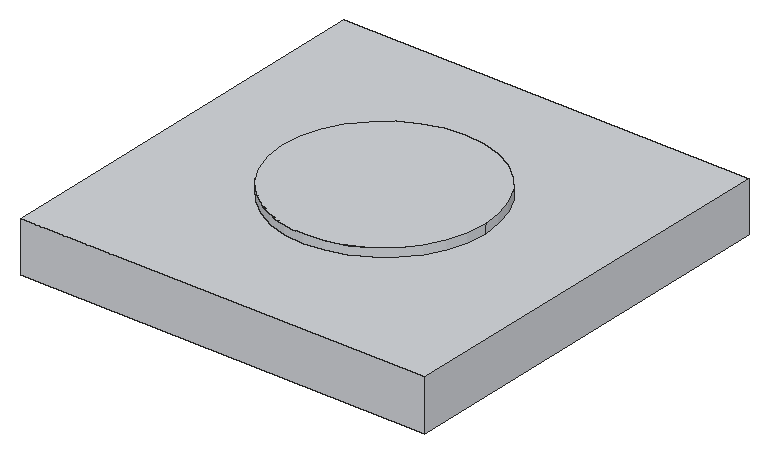
Revit family
Parameters
  URL = "www.coldspringgranite.com"
  StoneMaterial = none
  SettingSpace = SettingBed + Height  # 0' - 3"
  SettingBed = 0' - 1"
  Product Name = "Paving Stone Panels in Circle Shape"
  Product Documentation Link = "http://www.coldspringgranite.com/BIM_Families/Family_Detail/Paving_Stone_Panels_in_Circle_Shape/"
  PhoneNumber = "800-551-7502"
  Notes = ""
  Model = "N/A"
  Manufacturer = "Cold Spring Granite Company"
  Low Emitting Material = yes
  Low Emitting Finish = yes
  Location = "17482 Granite West Road, Cold Spring, MN 56320-4578"
  LEED Credit = ""
  Keynote = "096340"
  Height = 0' - 2"
  Description = "Stone Floor Paving"
  Default Elevation = 0' - 0"
  CircleRadius = 2' - 0"
  Assembly Code = "C3020400"
  ADA Compliant = yes
Reference planes (in)
  plane 1 "Center (Front/Back)": y = 0
  plane 2: z = 0
  plane 3 "Center (Left/Right)": x = 0
  plane 4 "StoneBack": z = 1
  plane 5 "StoneFace": z = 3
  plane 6 "StoneTop": y = 24
  plane 7 "StoneBottom": y = -24
  plane 8 "StoneRight": x = 24
  plane 9 "StoneLeft": x = -24
Forms (in)
  Extrusion 1, solid
    sketch origin (0, 0, 0) x (1, 0, 0) y (0, 1, 0)
      loop
        line (-48, 48) -> (-48, -48) -> (48, -48) -> (48, 48) -> (-48, 48)
    from 0 to -12
  Extrusion 2, solid, material <- "StoneMaterial"
    sketch origin (0, 0, 0) x (1, 0, 0) y (0, 1, 0)
      loop
        circle (0, 0) r 24
    from 1 to 3
Lines and regions (in)
  Masking region 1
    outline origin (0, 0, 0) x (1, 0, 0) y (0, 1, 0)
      loop
        circle (0, 0) r 24
  Masking region 2
    outline origin (-24, 0, 0) x (0, -1, 0) y (0, 0, 1)
      loop
        line (-24, 3) -> (-24, 1) -> (24, 1) -> (24, 3) -> (-24, 3)
  Masking region 3
    outline origin (24, 0, 0) x (0, -1, 0) y (0, 0, 1)
      loop
        line (24, 3) -> (-24, 3) -> (-24, 1) -> (24, 1) -> (24, 3)
  Masking region 4
    outline origin (0, -24, 0) x (1, 0, 0) y (0, 0, 1)
      loop
        line (-24, 3) -> (-24, 1) -> (24, 1) -> (24, 3) -> (-24, 3)
  Masking region 5
    outline origin (0, 24, 0) x (1, 0, 0) y (0, 0, 1)
      loop
        line (24, 3) -> (-24, 3) -> (-24, 1) -> (24, 1) -> (24, 3)
Dimensions and locks (in)
  "SettingSpace": plane 5 "StoneFace" to plane 2
  "Height": plane 5 "StoneFace" to plane 4 "StoneBack"
  "CircleRadius": plane 1 "Center (Front/Back)" to plane 6 "StoneTop"
  "CircleRadius": plane 7 "StoneBottom" to plane 1 "Center (Front/Back)"
  "CircleRadius": plane 9 "StoneLeft" to plane 3 "Center (Left/Right)"
  "CircleRadius": plane 3 "Center (Left/Right)" to plane 8 "StoneRight"
  "CircleRadius": radius of Extrusion 2 sketch curve
  aligned and locked: plane 2 to Extrusion 1
  aligned and locked: level to Extrusion 1
  aligned and locked: Extrusion 2 to plane 5 "StoneFace"
  aligned and locked: Extrusion 2 to plane 4 "StoneBack"
  aligned and locked: Masking region 1 sketch curve to Extrusion 2
  aligned and locked: Masking region 2 sketch curve to plane 7 "StoneBottom"
  aligned and locked: plane 5 "StoneFace" to Masking region 2 sketch curve
  aligned and locked: plane 4 "StoneBack" to Masking region 2 sketch curve
  aligned and locked: plane 6 "StoneTop" to Masking region 2 sketch curve
  aligned and locked: plane 6 "StoneTop" to Masking region 3 sketch curve
  aligned and locked: plane 5 "StoneFace" to Masking region 3 sketch curve
  aligned and locked: plane 4 "StoneBack" to Masking region 3 sketch curve
  aligned and locked: Masking region 3 sketch curve to plane 7 "StoneBottom"
  aligned and locked: plane 8 "StoneRight" to Masking region 4 sketch curve
  aligned and locked: plane 5 "StoneFace" to Masking region 4 sketch curve
  aligned and locked: plane 4 "StoneBack" to Masking region 4 sketch curve
  aligned and locked: Masking region 4 sketch curve to plane 9 "StoneLeft"
  aligned and locked: Masking region 5 sketch curve to plane 9 "StoneLeft"
  aligned and locked: plane 5 "StoneFace" to Masking region 5 sketch curve
  aligned and locked: plane 4 "StoneBack" to Masking region 5 sketch curve
  aligned and locked: plane 8 "StoneRight" to Masking region 5 sketch curve
Automatic sketch dimensions
  Extrusion 1 sketch curve to Extrusion 1 sketch curve = 8' - 0"  (x2)
  plane 1 "Center (Front/Back)" to Extrusion 2 sketch curve = 0' - 0"
  Extrusion 2 sketch curve to plane 3 "Center (Left/Right)" = 0' - 0"
